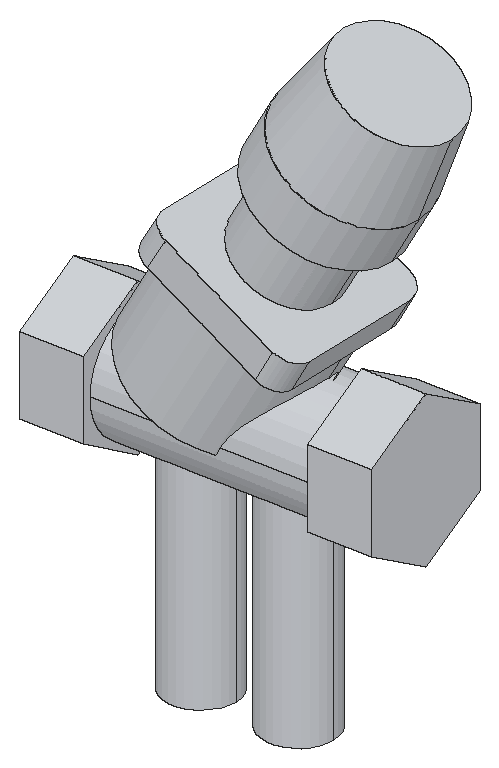
Revit family "OPTIMA_Compact_Plus_FF_DN20_5,5_RFA_2019", category Pipe Accessories, Revit 2019
Family settings
  Round Connector Dimension = Use Diameter
  Part Type = Valve - Breaks Into
  Work Plane-Based = No
  Always vertical = Yes
  Cut with Voids When Loaded = No
  Shared = No
Parameters (values of type "OPTIMA Compact Plus DN20 F-F 5.5mm")
  magiProductId = "6f2e419bcadf4dd2a9ff6e694a03fa"
  magiProductFamilyId = "01be67634ee84b2d9a1468c78c5465"
  magiPartTypeId = 304
  isMeasuringValve [instance] = no
  ang2D [instance] = 0.00°
  Z = 0 mm
  X = 10 mm
  W2D = 32 mm
  VersionID = "2.0/2018.8.28.1/FRESE_OPTIMA-COMPACT-FF_001"
  Use Minimum Symbol Size [instance] = yes
  URL = "www.hydronic.cz"
  Type Comments = "vnitřní závit; PN25; 0~120°C, s měřením"
  R9 = 8 mm
  R8 = 14 mm
  R7 = 17 mm
  R6 = 12 mm
  R5 = 5 mm
  R4 = 19 mm
  R3 = 19 mm
  R2 = 13.5 mm
  R1 = 17.5 mm
  QmdConnectorList = "301;D;302;D"
  Productdata [instance] = ""
  PLG0 = yes
  Manufacturer = "Hydronic Systems Prague s.r.o."
  MC Product Code = "53-1338  (3/4\" F-F; 5.5mm; Qmin-dpmin 300l/h-17.8kPa; Qmax-dpmin 1800l/h-40.0kPa; dpmax 800kPa)"
  MC Piping Given Pressure Drop [instance] = 0.0 Pa
  LL = 39.5 mm
  L3 = 11 mm
  L2D_Min = 3048 mm
  L2D = 104 mm
  L2 = 50.56 mm
  L1__ve = -L1  # -14.22 mm
  L1 = 14.22 mm
  H6__ve = -H6  # -59.5 mm
  H6 = 59.5 mm
  H5 = 20 mm
  H4 = 12 mm
  H3 = 18 mm
  H2 = 8 mm
  H1 = 26 mm
  Description = "Tlakově nezávislý 2-cestný regulační vyvažovací ventil (PICV)"
  D = 20 mm
  CenSd_R1_6 = R1 * cos(30.00°)  # 15.155 mm
  A = 30.00°
Types (6, lengths in mm): name | magiProductId | Z | X | R4 | R3 | R2 | R1 | MC Product Code | LL | L3 | L2 | L1__ve | L1 | H6__ve | H6 | H3 | H2 | H1 | D | CenSd_R1_6
  OPTIMA Compact Plus DN32 F-F 5.5mm | "df1c00d195034ef0b1ec6dc57a3080" | 1 | 13 | 29 | 31.5 | 22 | 26 | "53-1374  (5/4\" F-F; 5.5mm; Qmin-dpmin 550l/h-17.9kPa; Qmax-dpmin 4001l/h-28.0kPa; dpmax 800kPa)" | 52 | 12.5 | 66.56 | -18.72 | 18.72 | -68 | 68 | 16 | 10 | 46 | 32 | 22.517
  OPTIMA Compact Plus DN15 F-F 2.5mm | "89b348523dca4fefb6c7ae521abddd" | 0 | 7 | 19 | 19 | 12 | 15 | "53-1364  (1/2\" F-F; 2.5mm; Qmin-dpmin 100l/h-14.9kPa; Qmax-dpmin 575l/h-18.5kPa; dpmax 800kPa)" | 37.5 | 11 | 48 | -13.5 | 13.5 | -57 | 57 | 18 | 8 | 26 | 15 | 12.99
  OPTIMA Compact Plus DN15 F-F 5.0mm | "2e6505697e744e01b0ad9c2d669662" | 0 | 7 | 19 | 19 | 12 | 15 | "53-1365  (1/2\" F-F; 5.0mm; Qmin-dpmin 220l/h-16.0kPa; Qmax-dpmin 1330l/h-21.6kPa; dpmax 800kPa)" | 37.5 | 11 | 48 | -13.5 | 13.5 | -57 | 57 | 18 | 8 | 26 | 15 | 12.99
  OPTIMA Compact Plus DN20 F-F 5.0mm | "3b063aaad6f44e8dbcb4679e4a622e" | 0 | 10 | 19 | 19 | 13.5 | 17.5 | "53-1368  (3/4\" F-F; 5.0mm; Qmin-dpmin 220l/h-16.0kPa; Qmax-dpmin 1330l/h-21.6kPa; dpmax 800kPa)" | 39.5 | 11 | 50.56 | -14.22 | 14.22 | -59.5 | 59.5 | 18 | 8 | 26 | 20 | 15.155
  OPTIMA Compact Plus DN20 F-F 5.5mm | "6f2e419bcadf4dd2a9ff6e694a03fa" | 0 | 10 | 19 | 19 | 13.5 | 17.5 | "53-1338  (3/4\" F-F; 5.5mm; Qmin-dpmin 300l/h-17.8kPa; Qmax-dpmin 1800l/h-40.0kPa; dpmax 800kPa)" | 39.5 | 11 | 50.56 | -14.22 | 14.22 | -59.5 | 59.5 | 18 | 8 | 26 | 20 | 15.155
  OPTIMA Compact Plus DN25 F-F 5.5mm | "d9f644dbdce8417aa9c852cd9f0b5f" | 0 | 13 | 29 | 31.5 | 18.5 | 22 | "53-1373  (1\" F-F; 5.5mm; Qmin-dpmin 600l/h-17.3kPa; Qmax-dpmin 3609l/h-23.0kPa; dpmax 800kPa)" | 50 | 12.5 | 64 | -18 | 18 | -64 | 64 | 16 | 10 | 43 | 25 | 19.053
Reference planes
  plane 1 "Center (Front/Back)": y = 0
  plane 2 "XYPLANE": z = 0
  plane 3 "Center (Left/Right)": x = 0
  plane 4 "267": x = 11
  plane 5 "266": x = -11
  plane 6 "252": through (-607.519, 0, 447.746) normal (0.5, 0, 0.866)
  plane 7 "250": through (-617.519, 0, 430.426) normal (0.5, 0, 0.866)
  plane 8 "248": through (-623.519, 0, 420.033) normal (0.5, 0, 0.866)
  plane 9 "245": through (-632.519, 0, 404.445) normal (0.5, 0, 0.866)
  plane 10 "241": through (349.885, 0, 664.019) normal (0.866, 0, -0.5)
  plane 11 "240": through (382.794, 0, 645.019) normal (0.866, 0, -0.5)
  plane 12 "239": y = -19
  plane 13 "238": y = 19
  plane 14 "237": through (-636.519, 0, 397.517) normal (0.5, 0, 0.866)
  plane 15 "235": through (-649.519, 0, 375) normal (0.5, 0, 0.866)
  plane 16 "231": y = 0
  plane 17 "230": through (366.34, 0, 654.519) normal (0.866, 0, -0.5)
  plane 18 "211": x = -25.28
  plane 19 "204": x = 39.5
  plane 20 "203": x = -39.5
  plane 21 "202": x = 0
  plane 22 "201": z = 0
  plane 23 "200": y = 0
  plane 24 "227XY": through (-649.519, 0, 375) normal (0.5, 0, 0.866)
  plane 25 "227XZ": y = 0
  plane 26 "227YZ": through (375, 0, 649.519) normal (0.866, 0, -0.5)
Forms (mm)
  Extrusion 1, solid
    sketch origin (39.5, -750, 0) x (0, 1, 0) y (0, 0, 1)
      loop
        line (750, 17.5) -> (734.845, 8.75) -> (734.845, -8.75) -> (750, -17.5) -> (765.155, -8.75) -> (765.155, 8.75) -> (750, 17.5)
    from 0 to -14.22 <- "L1__ve"
  Extrusion 2, solid
    sketch origin (-39.5, -750, 0) x (0, 1, 0) y (0, 0, 1)
      loop
        line (750, 17.5) -> (734.845, 8.75) -> (734.845, -8.75) -> (750, -17.5) -> (765.155, -8.75) -> (765.155, 8.75) -> (750, 17.5)
    from 0 to 14.22 <- "L1"
  Extrusion 3, solid, visible <- "PLG0"
    sketch origin (-750, 0, 0) x (1, 0, 0) y (0, 1, 0)
      loop
        circle (761, 0) r 8
    from 0 to -59.5 <- "H6__ve"
  Extrusion 4, solid, visible <- "PLG0"
    sketch origin (-750, 0, 0) x (1, 0, 0) y (0, 1, 0)
      loop
        circle (739, 0) r 8
    from 0 to -59.5 <- "H6__ve"
  Blend 5, solid
    base sketch origin (-617.519, 0, 430.426) x (0.866025, 0, -0.5) y (0, 1, 0)
      loop
        circle (740, 0) r 17
    top sketch origin (-617.519, 0, 430.426) x (0.866025, 0, -0.5) y (0, 1, 0)
      loop
        circle (740, 0) r 14
    from 0 to 20
  Extrusion 6, solid
    sketch origin (-623.519, 0, 420.033) x (0.866025, 0, -0.5) y (0, 1, 0)
      loop
        circle (740, 0) r 17
    from 0 to 12 <- "H4"
  Extrusion 7, solid
    sketch origin (-632.519, 0, 404.445) x (0.866025, 0, -0.5) y (0, 1, 0)
      loop
        circle (740, 0) r 12
    from 0 to 18 <- "H3"
  Extrusion 8, solid
    sketch origin (-636.519, 0, 397.517) x (0.866025, 0, -0.5) y (0, 1, 0)
      loop
        arc (726, 19) -> (722.464, 17.536) -> (721, 14) r 5
        line (721, 14) -> (721, -14)
        arc (721, -14) -> (722.464, -17.536) -> (726, -19) r 5
        line (726, -19) -> (754, -19)
        arc (754, -19) -> (757.536, -17.536) -> (759, -14) r 5
        line (759, -14) -> (759, 14)
        arc (759, 14) -> (757.536, 17.536) -> (754, 19) r 5
        line (754, 19) -> (726, 19)
    from 0 to 8 <- "H2"
  Extrusion 9, solid
    sketch origin (-649.519, 0, 375) x (0.866025, 0, -0.5) y (0, 1, 0)
      loop
        circle (740, 0) r 19
    from 0 to 26 <- "H1"
  Extrusion 10, solid
    sketch origin (-25.28, -750, 0) x (0, 1, 0) y (0, 0, 1)
      loop
        circle (750, 0) r 13.5
    from 0 to 50.56 <- "L2"
  Extrusion 11, solid, not visible
    sketch origin (39.5, -750, 0) x (0, 1, 0) y (0, 0, 1)
      loop
        circle (750, 0) r 10
    from 0 to -10
  Extrusion 12, solid, not visible
    sketch origin (-39.5, -750, 0) x (0, 1, 0) y (0, 0, 1)
      loop
        circle (750, 0) r 10
    from 0 to 10
Lines and regions (mm)
  reference lines, not visible
    curve 1: circle (2, 2, 0) r 1 normal (0, 0, 1)
  reference lines
    curve 2: line (39.5, 0, 0) -> (39.5, -11.258, -6.5)
    curve 3: line (39.5, 0, 0) -> (39.5, 0, -13)
    curve 4: line (39.5, 0, 0) -> (39.5, 11.258, -6.5)
    curve 5: line (-39.5, 0, 0) -> (-39.5, 11.258, -6.5)
    curve 6: line (-39.5, 0, 0) -> (-39.5, 0, -13)
    curve 7: line (-39.5, 0, 0) -> (-39.5, -11.258, -6.5)
Dimensions and locks
  plane 1 "Center (Front/Back)" to curve 1 = 2 mm
  "L3": plane 3 "Center (Left/Right)" to plane 4 "267"
  "L3": plane 3 "Center (Left/Right)" to plane 5 "266"
  "H5": plane 7 "250" to plane 6 "252"
  "H4": plane 8 "248" to plane 7 "250"
  "H3": plane 9 "245" to plane 8 "248"
  "H2": plane 14 "237" to plane 9 "245"
  "R4": plane 17 "230" to plane 10 "241"
  "R4": plane 17 "230" to plane 11 "240"
  "R4": plane 23 "200" to plane 12 "239"
  "R4": plane 23 "200" to plane 13 "238"
  "H1": plane 15 "235" to plane 14 "237"
  "Z": plane 24 "227XY" to plane 15 "235"
  locked: plane 23 "200" to plane 16 "231"
  "X": plane 26 "227YZ" to plane 17 "230"
  "L1": plane 20 "203" to plane 18 "211"
  "LL": plane 3 "Center (Left/Right)" to plane 19 "204"
  "LL": plane 3 "Center (Left/Right)" to plane 20 "203"
  locked: plane 3 "Center (Left/Right)" to plane 21 "202"
  locked: plane 2 "XYPLANE" to plane 22 "201"
  locked: plane 1 "Center (Front/Back)" to plane 23 "200"
  "CenSd_R1_6": curve 2 to Extrusion 1 sketch curve  (x2)
  "CenSd_R1_6": curve 3 to Extrusion 1 sketch curve  (x2)
  "CenSd_R1_6": curve 4 to Extrusion 1 sketch curve  (x2)
  Extrusion 1 sketch curve to Extrusion 1 sketch curve = 0 mm  (x12)
  "CenSd_R1_6": curve 5 to Extrusion 2 sketch curve  (x2)
  "CenSd_R1_6": curve 6 to Extrusion 2 sketch curve  (x2)
  "CenSd_R1_6": curve 7 to Extrusion 2 sketch curve  (x2)
  Extrusion 2 sketch curve to Extrusion 2 sketch curve = 0 mm  (x12)
  Extrusion 8 sketch curve to Extrusion 8 sketch curve = 0 mm  (x16)
  "R9": radius of Extrusion 3 sketch curve
  "R9": radius of Extrusion 4 sketch curve
  "R8": radius of Blend 5 sketch curve
  "R7": radius of Blend 5 sketch curve
  "R7": radius of Extrusion 6 sketch curve
  "R6": radius of Extrusion 7 sketch curve
  "R5": radius of Extrusion 8 sketch curve  (x4)
  "R3": radius of Extrusion 9 sketch curve
  "R2": radius of Extrusion 10 sketch curve
  locked: curve 3 to curve 2 (angle 60.00°)
  locked: curve 4 to curve 3 (angle 60.00°)
  locked: curve 4 to curve 2 (angle 120.00°)
  locked: curve 6 to curve 5 (angle 60.00°)
  locked: curve 7 to curve 6 (angle 60.00°)
  locked: curve 7 to curve 5 (angle 120.00°)
  aligned and locked: level to plane 2 "XYPLANE"
  aligned and locked: plane 22 "201" to curve 4
  aligned and locked: curve 4 to plane 23 "200"
  aligned and locked: plane 22 "201" to curve 7
  aligned and locked: curve 7 to plane 23 "200"
  aligned and locked: plane 4 "267" to Extrusion 3 sketch curve
  aligned and locked: plane 23 "200" to Extrusion 3 sketch curve
  aligned and locked: plane 5 "266" to Extrusion 4 sketch curve
  aligned and locked: plane 23 "200" to Extrusion 4 sketch curve
  aligned and locked: plane 16 "231" to Blend 5 sketch curve  (x2)
  aligned and locked: Blend 5 sketch curve to plane 17 "230"  (x2)
  aligned and locked: plane 6 "252" to Blend 5
  aligned and locked: plane 16 "231" to Extrusion 6 sketch curve
  aligned and locked: Extrusion 6 sketch curve to plane 17 "230"
  aligned and locked: plane 16 "231" to Extrusion 7 sketch curve
  aligned and locked: Extrusion 7 sketch curve to plane 17 "230"
  aligned and locked: Extrusion 8 sketch curve to plane 10 "241"
  aligned and locked: Extrusion 8 sketch curve to plane 12 "239"
  aligned and locked: Extrusion 8 sketch curve to plane 11 "240"
  aligned and locked: plane 13 "238" to Extrusion 8 sketch curve
  aligned and locked: plane 16 "231" to Extrusion 9 sketch curve
  aligned and locked: Extrusion 9 sketch curve to plane 17 "230"
  aligned and locked: plane 22 "201" to Extrusion 10 sketch curve
  aligned and locked: Extrusion 10 sketch curve to plane 23 "200"
  aligned and locked: plane 22 "201" to Extrusion 11 sketch curve
  aligned and locked: Extrusion 11 sketch curve to plane 23 "200"
  aligned and locked: plane 22 "201" to Extrusion 12 sketch curve
  aligned and locked: Extrusion 12 sketch curve to plane 23 "200"
Automatic sketch dimensions
  plane 1 "Center (Front/Back)" to Extrusion 11 sketch curve = 10 mm
  plane 1 "Center (Front/Back)" to Extrusion 12 sketch curve = 10 mm
  plane 3 "Center (Left/Right)" to curve 1 = 2 mm
  radius of curve 1 = 1 mm
Connectors
  piping at (-39.5, 0, 0), diameter 20, driven by "D"
    settings: on Extrusion 12, index 1, connector inside diameter 609.6 mm, connector length 0 mm, flow factor 0, pipe flow 0.0 L/s, pressure drop 0.0 Pa, fitting loss kfactor 0, connector angle 0.00°, fixture units 0, engagement length 0 mm, angle of deflection 0.00°, flow configuration 0, flow direction 0, fitting loss method 0, system type 29, joint type 0, gender type 0, connector reference index 2, connector utility 0, adjustable connector no, is connector primary yes, connector description ""
  piping at (39.5, 0, 0), diameter 20, driven by "D"
    settings: on Extrusion 11, index 2, connector inside diameter 609.6 mm, connector length 0 mm, flow factor 0, pipe flow 0.0 L/s, pressure drop 0.0 Pa, fitting loss kfactor 0, connector angle 0.00°, fixture units 0, engagement length 0 mm, angle of deflection 0.00°, flow configuration 0, flow direction 0, fitting loss method 0, system type 29, joint type 0, gender type 0, connector reference index 1, connector utility 0, adjustable connector no, is connector primary no, connector description ""
